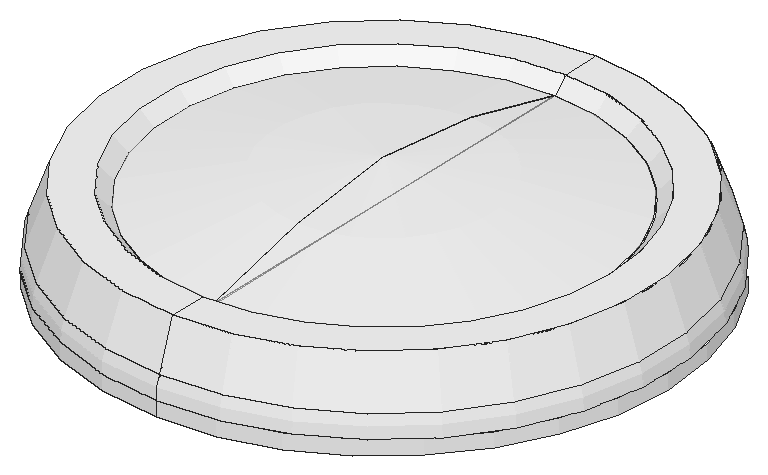
Revit family "LBSD", category Lighting Fixtures, host Face, Revit 2021
Family settings
  Host = Face
  Round Connector Dimension = Use Diameter
  Part Type = Normal
  OmniClass Number = 23.80.70.11
  OmniClass Title = Luminaries for Internal Lighting
  Cut with Voids When Loaded = No
  Light Source = Yes
  Shared = No
  Room Calculation Point = No
Parameters (values of type "LBSD-4RD")
  Width = 5.51"
  Wattage = 17 W
  built-in parameter 1150110 = 1 (stored number, unit not read)
  Voltage = 120 V
  Wattage Comments = "11.5W"
  URL = "https://www.currentlighting.com/prescolite"
  built-in parameter 1114217 = 1 (stored number, unit not read)
  Tilt Angle = -90.00°
  built-in parameter 1150109 = 1 (stored number, unit not read)
  built-in parameter 1150134 = (empty or 0)
  built-in parameter 1150113 = 1 (stored number, unit not read)
  Product Page URL = ""
  Product Documentation Link = ""
  Watts = 17 W
  Photometric Web File = "LBSD-4RD-CS9-WH _27K.IES"
  built-in parameter 1150142 = "IESNA:LM-63-2002\r\n[TEST]R21.01425-01\r\n[TESTLAB]HLI\r\n[ISSUEDATE]08/20/21\r\n[MANUFAC]PRESCOLITE\r\n[LUMCAT]LBSD-4RD-CS9-WH\r\n[LUMINAIRE]LiteBox® Disk 4\" Surface Mount Round Downlight, 700 lm, 90+ CRI, Switchable CCT @27K\r\n[LAMP]LED\r\n[_MOUNTING]Surface/Ceiling\r\n[_ABSOLUTE]DATA SHOWN IS ABSOLUTE FOR THE SAMPLE PROVIDED.\r\n[_ABSOLUTELUMENS]671\r\nTILT=NONE\r\n1 -1 0.98423 73 1 1 1 -0.333333 -0.333333 0.020833\r\n1 1 8.2\r\n0 2.5 5 7.5 10 12.5 15 17.5 20 22.5 25 27.5 30 32.5 35 37.5 40 42.5 45 47.5 50\r\n 52.5 55 57.5 60 62.5 65 67.5 70 72.5 75 77.5 80 82.5 85 87.5 90 92.5 95 97.5\r\n 100 102.5 105 107.5 110 112.5 115 117.5 120 122.5 125 127.5 130 132.5 135\r\n 137.5 140 142.5 145 147.5 150 152.5 155 157.5 160 162.5 165 167.5 170 172.5\r\n 175 177.5 180\r\n0\r\n233 233 232 230 228 226 223 219 215 211 205 200 194 188 182 174 166 159 151 143\r\n 135 127 118 109 101 92 84 75 67 59 51 43 36 29 23 17 12 8 5 2 0 0 0 0 0 0 0 0\r\n 0 0 0 0 0 0 0 0 0 0 0 0 0 0 0 0 0 0 0 0 0 0 0 0 0\r\n"
  Model = "LBSD-RD"  # constant formula
  Manufacturer = "Prescolite Lighting"  # constant formula
  built-in parameter 1150105 = 78.463 (stored number, unit not read)
  Lumens = 986 lm
  built-in parameter 1150115 = 1 (stored number, unit not read)
  built-in parameter 1150137 = (empty or 0)
  built-in parameter 1150139 = (empty or 0)
  built-in parameter 1150112 = 1 (stored number, unit not read)
  built-in parameter 1150114 = 1 (stored number, unit not read)
  Lamp = "LED Lamp"
  Inner Width = 2.00"
  built-in parameter 1150132 = (empty or 0)
  built-in parameter 1150102 = (empty or 0)
  built-in parameter 1150107 = 3000 (stored number, unit not read)
  built-in parameter 1150138 = (empty or 0)
  built-in parameter 1150106 = 0.78463 (stored number, unit not read)
  Glass = White Glass
  Features = "4inch and 6inch disk downlight delivering 700 or 1000 lumens \r\nSwitchable CCT – 2700K/3000K/3500K/4000K \r\n90 CRI \r\nUniversal Voltage (120-277V) \r\nPhase Dimmable to 5% (120V Triac/ELV) \r\nSurface mount directly to standard J-Box (by others) \r\nOptional accessory for retrofit into incandescent recessed cans\r\n"  # constant formula
  built-in parameter 1150104 = 5.3884 (stored number, unit not read)
  Dimming Lamp Color Temperature Shift = <None>
  Description = "Designed for use in new construction or retrofit IC or Non-IC applications"  # constant formula
  Default Elevation = 48.00"
  Contact us = ""
  Color Filter = 16777215
  Certifications = "cETLus listed to UL1598\r\n• Can be used in direct contact with insulation\r\n(IC Rated)\r\n• Suitable for wet locations, covered ceiling\r\n• Suitable for use in clothes closets when\r\ninstalled in accordance to N.E.C. 410.16\r\n• ENERGY STAR® certified\r\n• Meets CA Title 24 High Efficacy (JA8-2019)\r\nrequirements"  # constant formula
  CRI = "90+ CRI"
  built-in parameter 1114218 = 1 (stored number, unit not read)
  Backbox = White
  built-in parameter 1150133 = 10 (stored number, unit not read)
  Apparent Load = 0 VA
Types (3): name | Width | Photometric Web File | built-in parameter 1150142 | Inner Width
  (no name) | 5.51" | "LBSD-4RD-CS9-WH _27K.IES" | "IESNA:LM-63-2002\r\n[TEST]R21.01425-01\r\n[TESTLAB]HLI\r\n[ISSUEDATE]08/20/21\r\n[MANUFAC]PRESCOLITE\r\n[LUMCAT]LBSD-4RD-CS9-WH\r\n[LUMINAIRE]LiteBox® Disk 4\" Surface Mount Round Downlight, 700 lm, 90+ CRI, Switchable CCT @27K\r\n[LAMP]LED\r\n[_MOUNTING]Surface/Ceiling\r\n[_ABSOLUTE]DATA SHOWN IS ABSOLUTE FOR THE SAMPLE PROVIDED.\r\n[_ABSOLUTELUMENS]671\r\nTILT=NONE\r\n1 -1 0.98423 73 1 1 1 -0.333333 -0.333333 0.020833\r\n1 1 8.2\r\n0 2.5 5 7.5 10 12.5 15 17.5 20 22.5 25 27.5 30 32.5 35 37.5 40 42.5 45 47.5 50\r\n 52.5 55 57.5 60 62.5 65 67.5 70 72.5 75 77.5 80 82.5 85 87.5 90 92.5 95 97.5\r\n 100 102.5 105 107.5 110 112.5 115 117.5 120 122.5 125 127.5 130 132.5 135\r\n 137.5 140 142.5 145 147.5 150 152.5 155 157.5 160 162.5 165 167.5 170 172.5\r\n 175 177.5 180\r\n0\r\n233 233 232 230 228 226 223 219 215 211 205 200 194 188 182 174 166 159 151 143\r\n 135 127 118 109 101 92 84 75 67 59 51 43 36 29 23 17 12 8 5 2 0 0 0 0 0 0 0 0\r\n 0 0 0 0 0 0 0 0 0 0 0 0 0 0 0 0 0 0 0 0 0 0 0 0 0\r\n" | 2.00"
  LBSD-4RD | 5.51" | "LBSD-4RD-CS9-WH _27K.IES" | "IESNA:LM-63-2002\r\n[TEST]R21.01425-01\r\n[TESTLAB]HLI\r\n[ISSUEDATE]08/20/21\r\n[MANUFAC]PRESCOLITE\r\n[LUMCAT]LBSD-4RD-CS9-WH\r\n[LUMINAIRE]LiteBox® Disk 4\" Surface Mount Round Downlight, 700 lm, 90+ CRI, Switchable CCT @27K\r\n[LAMP]LED\r\n[_MOUNTING]Surface/Ceiling\r\n[_ABSOLUTE]DATA SHOWN IS ABSOLUTE FOR THE SAMPLE PROVIDED.\r\n[_ABSOLUTELUMENS]671\r\nTILT=NONE\r\n1 -1 0.98423 73 1 1 1 -0.333333 -0.333333 0.020833\r\n1 1 8.2\r\n0 2.5 5 7.5 10 12.5 15 17.5 20 22.5 25 27.5 30 32.5 35 37.5 40 42.5 45 47.5 50\r\n 52.5 55 57.5 60 62.5 65 67.5 70 72.5 75 77.5 80 82.5 85 87.5 90 92.5 95 97.5\r\n 100 102.5 105 107.5 110 112.5 115 117.5 120 122.5 125 127.5 130 132.5 135\r\n 137.5 140 142.5 145 147.5 150 152.5 155 157.5 160 162.5 165 167.5 170 172.5\r\n 175 177.5 180\r\n0\r\n233 233 232 230 228 226 223 219 215 211 205 200 194 188 182 174 166 159 151 143\r\n 135 127 118 109 101 92 84 75 67 59 51 43 36 29 23 17 12 8 5 2 0 0 0 0 0 0 0 0\r\n 0 0 0 0 0 0 0 0 0 0 0 0 0 0 0 0 0 0 0 0 0 0 0 0 0\r\n" | 2.00"
  LBSD-6RD | 7.32" | "LBSD-6RD-CS9-WH_27K.IES" | "IESNA:LM-63-2002\r\n[TEST]R21.01427-02\r\n[TESTLAB]HLI\r\n[ISSUEDATE]08/20/21\r\n[MANUFAC]PRESCOLITE\r\n[LUMCAT]LBSD-6RD-CS9-WH\r\n[LUMINAIRE]LiteBox® Disk 6\" Surface Mount Round Downlight, 1000 lm, 90+ CRI, Switchable CCT @27K\r\n[LAMP]LED\r\n[_MOUNTING]Surface/Ceiling\r\n[_ABSOLUTE]DATA SHOWN IS ABSOLUTE FOR THE SAMPLE PROVIDED.\r\n[_ABSOLUTELUMENS]938\r\nTILT=NONE\r\n1 -1 0.9853 73 1 1 1 -0.458333 -0.458333 0.041667\r\n1 1 11.5\r\n0 2.5 5 7.5 10 12.5 15 17.5 20 22.5 25 27.5 30 32.5 35 37.5 40 42.5 45 47.5 50\r\n 52.5 55 57.5 60 62.5 65 67.5 70 72.5 75 77.5 80 82.5 85 87.5 90 92.5 95 97.5\r\n 100 102.5 105 107.5 110 112.5 115 117.5 120 122.5 125 127.5 130 132.5 135\r\n 137.5 140 142.5 145 147.5 150 152.5 155 157.5 160 162.5 165 167.5 170 172.5\r\n 175 177.5 180\r\n0\r\n325 325 323 320 318 314 310 304 299 293 285 277 269 261 251 241 231 221 210 199\r\n 187 176 164 151 139 127 115 103 91 79 67 56 45 35 26 18 11 6 3 0 0 0 0 0 0 0 0\r\n 0 0 0 0 0 0 0 0 0 0 0 0 0 0 0 0 0 0 0 0 0 0 0 0 0 0\r\n" | 2.75"
Reference planes (in)
  plane 1 "Center (Front/Back)": y = -8.21443
  plane 2: z = 0
  plane 3 "Center (Left/Right)": x = 1.66944
  plane 4: x = -1.09056
  plane 5: x = 4.42944
  plane 6: x = 5.32944
  plane 7: x = -1.99056
  plane 8: y = -5.45943
  plane 9: y = -10.96943
  plane 10: z = 1.34
  plane 11: z = -0.97
  plane 12: y = -9.21443
  plane 13: y = -7.21443
Forms (in)
  Revolve 1, solid, material "White" <- "Backbox"
    sketch origin (1.66944, 0, 0) x (0, 1, 0) y (0, 0, 1)
      loop
        line (-8.21443, 0) -> (-8.21443, 0.67335) -> (-10.28028, 0.67335) -> (-10.40693, 0.8) -> (-10.76925, 0.8) -> (-10.93326, 0.34937)
        arc (-10.93326, 0.34937) -> (-10.96032, 0.24839) -> (-10.96943, 0.14426) r 0.5997
        line (-10.96943, 0.14426) -> (-10.96943, 0) -> (-8.21443, 0)
      axis (-8.21443, 0.8) -> (-8.21443, 0)
    angle from 0 to 360
  Revolve 2, solid, material "White Glass" <- "Glass"
    sketch origin (1.66944, 0, 0) x (0, 1, 0) y (0, 0, 1)
      loop
        line (-8.21443, 0.675) -> (-8.21443, 1.04557)
        arc (-8.21443, 1.04557) -> (-9.25726, 0.92533) -> (-10.27672, 0.675) r 8.33712
        line (-10.27672, 0.675) -> (-8.21443, 0.675)
      axis (-8.21443, 1.04557) -> (-8.21443, 0.675)
    angle from 0 to 360
  Revolve 3, solid, material "White" <- "Backbox"
    sketch origin (1.66944, 0, 0) x (0, 1, 0) y (0, 0, 1)
      loop
        line (-8.21443, 0) -> (-9.21443, 0) -> (-9.21443, -0.81974)
        arc (-9.21443, -0.81974) -> (-9.17042, -0.92599) -> (-9.06417, -0.97) r 0.15026
        line (-9.06417, -0.97) -> (-8.21443, -0.97) -> (-8.21443, 0)
      axis (-8.21443, 0) -> (-8.21443, -0.97)
    angle from 0 to 360
Dimensions and locks (in)
  plane 6 to plane 7 = 7.32"
  "Width": plane 8 to plane 9
  equal spacing: plane 8, plane 1 "Center (Front/Back)", plane 9
  "Inner Width": plane 13 to plane 12
  equal spacing: plane 13, plane 1 "Center (Front/Back)", plane 12
  aligned and locked: plane 2 to host face
  aligned and locked: level to host face
  aligned and locked: imposter light to plane 1 "Center (Front/Back)"
  aligned and locked: plane 3 "Center (Left/Right)" to imposter light
  aligned and locked: Revolve 3 sketch curve to plane 12
Automatic sketch dimensions
  host sketch curve to host sketch curve = 96.00"
  host sketch curve to host sketch curve = 112.80516"
  Revolve 1 sketch curve to plane 9 = 0.00"
  Revolve 1 sketch curve to plane 1 "Center (Front/Back)" = 0.00"  (x2)
  Revolve 1 sketch curve to level = 0.00"
  Revolve 1 sketch curve to plane 9 = 0.03617"
  Revolve 1 sketch curve to plane 9 = 0.20018"
  Revolve 1 sketch curve to Revolve 1 sketch curve = 0.36232"
  level to Revolve 1 sketch curve = 0.14426"
  Revolve 1 sketch curve to plane 9 = 0.5997"
  Revolve 1 sketch curve to Revolve 1 sketch curve = 0.12665"  (x2)
  Revolve 1 sketch curve to Revolve 1 sketch curve = 0.5291"
  Revolve 1 sketch curve to plane 11 = 23.03"
  plane 10 to Revolve 1 sketch curve = 53.9676"
  Revolve 2 sketch curve to plane 1 "Center (Front/Back)" = 0.00"  (x2)
  Revolve 2 sketch curve to plane 9 = 0.69271"
  Revolve 2 sketch curve to plane 1 "Center (Front/Back)" = 0.43163"
  Revolve 2 sketch curve to plane 11 = 6.31037"
  Revolve 2 sketch curve to plane 10 = 0.665"
  Revolve 2 sketch curve to Revolve 2 sketch curve = 16.71963"
  Revolve 2 sketch curve to Revolve 2 sketch curve = 53.9477"
  Revolve 3 sketch curve to level = 0.00"
  Revolve 3 sketch curve to plane 11 = 0.00"
  Revolve 3 sketch curve to plane 1 "Center (Front/Back)" = 0.00"  (x2)
  Revolve 3 sketch curve to Revolve 3 sketch curve = 0.15026"
  Revolve 3 sketch curve to Revolve 3 sketch curve = 23.03"
  plane 10 to Revolve 3 sketch curve = 53.9676"
Connectors (in)
  electrical at (1.66944, -8.21443, 0), driven by "Apparent Load", driven by "Voltage"
    settings: on Revolve 1, index 1, voltage 120 V, apparent load 0 VA, apparent load phase1 0 VA, apparent load phase2 0 VA, apparent load phase3 0 VA, power factor 1, load classification "Other", number of poles 1, system type 30, power factor state 1, is connector primary yes, connector utility no, sub classification motor no, connector description "Lighting Connector"
